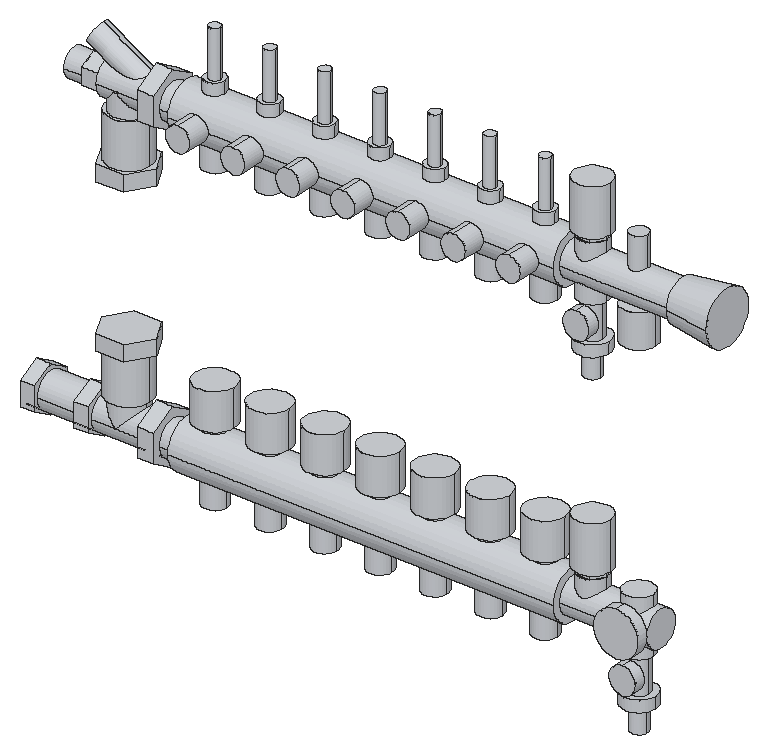
Revit family "318_1dab38ccfa9a4ba2b3cf6a35155c07", category Pipe Accessories, Revit 2017 (continued)
Automatic sketch dimensions
  Blend 111 sketch curve to plane 37 "354" = 2 mm
  plane 49 "342" to Extrusion 112 sketch curve = 5 mm
  plane 1 "Center (Front/Back)" to Extrusion 113 sketch curve = 0 mm  (x2)
  plane 49 "342" to Extrusion 113 sketch curve = 5 mm
  Extrusion 113 sketch curve to plane 52 "339" = 6.5 mm  (x2)
  Extrusion 113 sketch curve to plane 9 "382" = 2.258 mm
  Extrusion 113 sketch curve to plane 44 "347" = 0.5 mm  (x2)
  plane 44 "347" to Extrusion 113 sketch curve = 6 mm
  Extrusion 113 sketch curve to plane 1 "Center (Front/Back)" = 11.258 mm
  plane 49 "342" to Extrusion 114 sketch curve = 2 mm
  Extrusion 115 sketch curve to plane 5 "386" = 0 mm
  plane 49 "342" to Extrusion 116 sketch curve = 5 mm
  plane 49 "342" to Extrusion 117 sketch curve = 2 mm
  plane 1 "Center (Front/Back)" to Extrusion 118 sketch curve = 0 mm  (x2)
  plane 49 "342" to Extrusion 118 sketch curve = 5 mm
  Extrusion 118 sketch curve to plane 52 "339" = 6.5 mm  (x2)
  Extrusion 118 sketch curve to plane 9 "382" = 2.258 mm
  Extrusion 118 sketch curve to plane 44 "347" = 0.5 mm  (x2)
  plane 44 "347" to Extrusion 118 sketch curve = 6 mm
  Extrusion 118 sketch curve to plane 1 "Center (Front/Back)" = 11.258 mm
  Extrusion 119 sketch curve to plane 45 "346" = 0 mm
  Extrusion 120 sketch curve to Extrusion 120 sketch curve = 8 mm
  Extrusion 121 sketch curve to Extrusion 121 sketch curve = 9 mm
  Extrusion 122 sketch curve to Extrusion 122 sketch curve = 13 mm
  Extrusion 123 sketch curve to plane 9 "382" = 1 mm
  Extrusion 124 sketch curve to plane 9 "382" = 1 mm
  Extrusion 125 sketch curve to plane 9 "382" = 1 mm
  Extrusion 126 sketch curve to plane 9 "382" = 1 mm
  Extrusion 127 sketch curve to plane 9 "382" = 1 mm
  Extrusion 128 sketch curve to plane 9 "382" = 1 mm
  Extrusion 129 sketch curve to plane 9 "382" = 1 mm
  Extrusion 130 sketch curve to plane 9 "382" = 1 mm
  Extrusion 131 sketch curve to plane 9 "382" = 1 mm
  Extrusion 132 sketch curve to plane 9 "382" = 1 mm
  Extrusion 133 sketch curve to plane 9 "382" = 1 mm
  Extrusion 134 sketch curve to plane 9 "382" = 1 mm
  Extrusion 135 sketch curve to plane 9 "382" = 1 mm
  Extrusion 136 sketch curve to plane 9 "382" = 1 mm
  Extrusion 137 sketch curve to plane 9 "382" = 1 mm
  Extrusion 138 sketch curve to plane 9 "382" = 1 mm
Connectors
  piping at (0, 0, 0), diameter 25, driven by "Flow supply main", driven by "SMP"
    settings: on Extrusion 135, index 1, connector inside diameter 609.6 mm, connector length 0 mm, flow factor 0, pipe flow 0.0 L/s, pressure drop 0.0 Pa, fitting loss kfactor 0, connector angle 0.00°, fixture units 0, engagement length 0 mm, angle of deflection 0.00°, flow configuration 1, flow direction 1, fitting loss method 0, system type 7, joint type 0, gender type 0, connector reference index -1, connector utility 0, adjustable connector no, is connector primary yes, connector description "Main_1_1"
  piping at (127, 0, -40), diameter 18, driven by "Flow supply 1", driven by "SBP1"
    settings: on Extrusion 137, index 2, connector inside diameter 609.6 mm, connector length 0 mm, flow factor 0, pipe flow 0.0 L/s, pressure drop 0.0 Pa, fitting loss kfactor 0, connector angle 0.00°, fixture units 0, engagement length 0 mm, angle of deflection 0.00°, flow configuration 0, flow direction 2, fitting loss method 0, system type 7, joint type 0, gender type 0, connector reference index -1, connector utility 0, adjustable connector no, is connector primary no, connector description "Branch_1_1"
  piping at (177, 0, -40), diameter 18, driven by "Flow supply 2", driven by "SBP2"
    settings: on Extrusion 138, index 3, connector inside diameter 609.6 mm, connector length 0 mm, flow factor 0, pipe flow 0.0 L/s, pressure drop 0.0 Pa, fitting loss kfactor 0, connector angle 0.00°, fixture units 0, engagement length 0 mm, angle of deflection 0.00°, flow configuration 0, flow direction 2, fitting loss method 0, system type 7, joint type 0, gender type 0, connector reference index -1, connector utility 0, adjustable connector no, is connector primary no, connector description "Branch_1_2"
  piping at (227, 0, -40), diameter 18, driven by "Flow supply 3", driven by "SBP3"
    settings: on Extrusion 134, index 4, connector inside diameter 609.6 mm, connector length 0 mm, flow factor 0, pipe flow 0.0 L/s, pressure drop 0.0 Pa, fitting loss kfactor 0, connector angle 0.00°, fixture units 0, engagement length 0 mm, angle of deflection 0.00°, flow configuration 0, flow direction 2, fitting loss method 0, system type 7, joint type 0, gender type 0, connector reference index -1, connector utility 0, adjustable connector no, is connector primary no, connector description "Branch_1_3"
  piping at (277, 0, -40), diameter 18, driven by "Flow supply 4", driven by "SBP4"
    settings: on Extrusion 133, index 5, connector inside diameter 609.6 mm, connector length 0 mm, flow factor 0, pipe flow 0.0 L/s, pressure drop 0.0 Pa, fitting loss kfactor 0, connector angle 0.00°, fixture units 0, engagement length 0 mm, angle of deflection 0.00°, flow configuration 0, flow direction 2, fitting loss method 0, system type 7, joint type 0, gender type 0, connector reference index -1, connector utility 0, adjustable connector no, is connector primary no, connector description "Branch_1_4"
  piping at (327, 0, -40), diameter 18, driven by "Flow supply 5", driven by "SBP5"
    settings: on Extrusion 132, index 6, connector inside diameter 609.6 mm, connector length 0 mm, flow factor 0, pipe flow 0.0 L/s, pressure drop 0.0 Pa, fitting loss kfactor 0, connector angle 0.00°, fixture units 0, engagement length 0 mm, angle of deflection 0.00°, flow configuration 0, flow direction 2, fitting loss method 0, system type 7, joint type 0, gender type 0, connector reference index -1, connector utility 0, adjustable connector no, is connector primary no, connector description "Branch_1_5"
  piping at (377, 0, -40), diameter 18, driven by "Flow supply 6", driven by "SBP6"
    settings: on Extrusion 131, index 7, connector inside diameter 609.6 mm, connector length 0 mm, flow factor 0, pipe flow 0.0 L/s, pressure drop 0.0 Pa, fitting loss kfactor 0, connector angle 0.00°, fixture units 0, engagement length 0 mm, angle of deflection 0.00°, flow configuration 0, flow direction 2, fitting loss method 0, system type 7, joint type 0, gender type 0, connector reference index -1, connector utility 0, adjustable connector no, is connector primary no, connector description "Branch_1_6"
  piping at (427, 0, -40), diameter 18, driven by "Flow supply 7", driven by "SBP7"
    settings: on Extrusion 130, index 8, connector inside diameter 609.6 mm, connector length 0 mm, flow factor 0, pipe flow 0.0 L/s, pressure drop 0.0 Pa, fitting loss kfactor 0, connector angle 0.00°, fixture units 0, engagement length 0 mm, angle of deflection 0.00°, flow configuration 0, flow direction 2, fitting loss method 0, system type 7, joint type 0, gender type 0, connector reference index -1, connector utility 0, adjustable connector no, is connector primary no, connector description "Branch_1_7"
  piping at (-35, 0, -274), diameter 25, driven by "Flow return main", driven by "RMP"
    settings: on Extrusion 136, index 9, connector inside diameter 609.6 mm, connector length 0 mm, flow factor 0, pipe flow 0.0 L/s, pressure drop 0.0 Pa, fitting loss kfactor 0, connector angle 0.00°, fixture units 0, engagement length 0 mm, angle of deflection 0.00°, flow configuration 1, flow direction 2, fitting loss method 0, system type 8, joint type 0, gender type 0, connector reference index -1, connector utility 0, adjustable connector no, is connector primary no, connector description "Main_2_1"
  piping at (127, 0, -314), diameter 18, driven by "Flow return 1", driven by "RBP1"
    settings: on Extrusion 128, index 10, connector inside diameter 609.6 mm, connector length 0 mm, flow factor 0, pipe flow 0.0 L/s, pressure drop 0.0 Pa, fitting loss kfactor 0, connector angle 0.00°, fixture units 0, engagement length 0 mm, angle of deflection 0.00°, flow configuration 0, flow direction 1, fitting loss method 0, system type 8, joint type 0, gender type 0, connector reference index -1, connector utility 0, adjustable connector no, is connector primary no, connector description "Branch_2_1"
  piping at (177, 0, -314), diameter 18, driven by "Flow return 2", driven by "RBP2"
    settings: on Extrusion 127, index 11, connector inside diameter 609.6 mm, connector length 0 mm, flow factor 0, pipe flow 0.0 L/s, pressure drop 0.0 Pa, fitting loss kfactor 0, connector angle 0.00°, fixture units 0, engagement length 0 mm, angle of deflection 0.00°, flow configuration 0, flow direction 1, fitting loss method 0, system type 8, joint type 0, gender type 0, connector reference index -1, connector utility 0, adjustable connector no, is connector primary no, connector description "Branch_2_2"
  piping at (227, 0, -314), diameter 18, driven by "Flow return 3", driven by "RBP3"
    settings: on Extrusion 129, index 12, connector inside diameter 609.6 mm, connector length 0 mm, flow factor 0, pipe flow 0.0 L/s, pressure drop 0.0 Pa, fitting loss kfactor 0, connector angle 0.00°, fixture units 0, engagement length 0 mm, angle of deflection 0.00°, flow configuration 0, flow direction 1, fitting loss method 0, system type 8, joint type 0, gender type 0, connector reference index -1, connector utility 0, adjustable connector no, is connector primary no, connector description "Branch_2_3"
  piping at (277, 0, -314), diameter 18, driven by "Flow return 4", driven by "RBP4"
    settings: on Extrusion 126, index 13, connector inside diameter 609.6 mm, connector length 0 mm, flow factor 0, pipe flow 0.0 L/s, pressure drop 0.0 Pa, fitting loss kfactor 0, connector angle 0.00°, fixture units 0, engagement length 0 mm, angle of deflection 0.00°, flow configuration 0, flow direction 1, fitting loss method 0, system type 8, joint type 0, gender type 0, connector reference index -1, connector utility 0, adjustable connector no, is connector primary no, connector description "Branch_2_4"
  piping at (327, 0, -314), diameter 18, driven by "Flow return 5", driven by "RBP5"
    settings: on Extrusion 125, index 14, connector inside diameter 609.6 mm, connector length 0 mm, flow factor 0, pipe flow 0.0 L/s, pressure drop 0.0 Pa, fitting loss kfactor 0, connector angle 0.00°, fixture units 0, engagement length 0 mm, angle of deflection 0.00°, flow configuration 0, flow direction 1, fitting loss method 0, system type 8, joint type 0, gender type 0, connector reference index -1, connector utility 0, adjustable connector no, is connector primary no, connector description "Branch_2_5"
  piping at (377, 0, -314), diameter 18, driven by "Flow return 6", driven by "RBP6"
    settings: on Extrusion 124, index 15, connector inside diameter 609.6 mm, connector length 0 mm, flow factor 0, pipe flow 0.0 L/s, pressure drop 0.0 Pa, fitting loss kfactor 0, connector angle 0.00°, fixture units 0, engagement length 0 mm, angle of deflection 0.00°, flow configuration 0, flow direction 1, fitting loss method 0, system type 8, joint type 0, gender type 0, connector reference index -1, connector utility 0, adjustable connector no, is connector primary no, connector description "Branch_2_6"
  piping at (427, 0, -314), diameter 18, driven by "Flow return 7", driven by "RBP7"
    settings: on Extrusion 123, index 16, connector inside diameter 609.6 mm, connector length 0 mm, flow factor 0, pipe flow 0.0 L/s, pressure drop 0.0 Pa, fitting loss kfactor 0, connector angle 0.00°, fixture units 0, engagement length 0 mm, angle of deflection 0.00°, flow configuration 0, flow direction 1, fitting loss method 0, system type 8, joint type 0, gender type 0, connector reference index -1, connector utility 0, adjustable connector no, is connector primary no, connector description "Branch_2_7"
